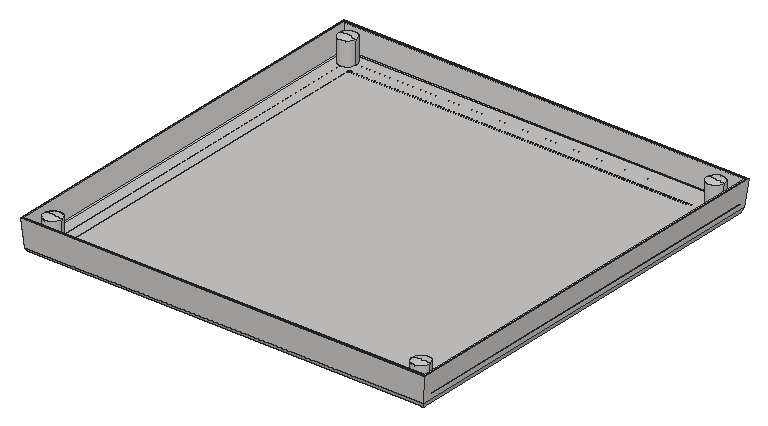
Revit family "Gorter BV 800x800mm", category Generic Models, host Face, Revit 2019
Family settings
  Host = Face
  Can host rebar = No
  Round Connector Dimension = Use Diameter
  Part Type = Normal
  Cut with Voids When Loaded = Yes
  Shared = Yes
  Room Calculation Point = No
Parameters (values of type "BV 800x800mm")
  vullen_met_beton = "ja"  # constant formula
  vergrendeling = "nee"  # constant formula
  uitwendige_lengte = 935 mm
  uitwendige_breedte = 935 mm
  sluiting = "4"  # constant formula
  scharnierend = "nee"  # constant formula
  rubberen_afdichting = "enkel"  # constant formula
  productgroep = ""
  materiaal = bcb_staal
  inbouwhoogte [instance] = 75 mm
  geïsoleerd = "nee"  # constant formula
  gewicht = "31"
  gasdrukveer = "nee"  # constant formula
  brandwerend 90 min = "nee"  # constant formula
  binnenmaat_lengte = uitwendige_lengte - 135 mm  # 800 mm
  binnenmaat_breedte = uitwendige_breedte - 135 mm  # 800 mm
  binnenluik = "tbv betonvulling"  # constant formula
  belasting = "125 kN"  # constant formula
  URL = ""
  Model = "BV"  # constant formula
  Manufacturer = "Gorter"  # constant formula
  Description = "BV 88"
  Default Elevation = 1219.2 mm
Types (6, lengths in mm): name | uitwendige_lengte | uitwendige_breedte | gewicht | binnenmaat_lengte | binnenmaat_breedte | Description
  (no name) | 935 | 935 | "31" | 800 | 800 | "BV 88"
  BV 600x400mm | 535 | 735 | "17" | 400 | 600 | "BV 64"
  BV 600x600mm | 735 | 735 | "21" | 600 | 600 | "BV 66"
  BV 800x600mm | 735 | 935 | "27" | 600 | 800 | "BV 86"
  BV 800x800mm | 935 | 935 | "31" | 800 | 800 | "BV 88"
  BV 1000x600mm | 735 | 1135 | "31" | 600 | 1000 | "BV 106"
Reference planes
  plane 1 "Center (Front/Back)": y = 0
  plane 2: z = 0
  plane 3 "Center (Left/Right)": x = 0
  plane 4: y = 467.5
  plane 5: y = -467.5
  plane 6: x = 467.5
  plane 7: x = -467.5
  plane 8: z = -75
  plane 9: x = -425.5
  plane 10: y = 425.5
  plane 11: y = -425.5
  plane 12: x = 425.5
  plane 13: x = -305.5
  plane 14: x = 305.5
  plane 15: y = -305.5
  plane 16: y = 305.5
Forms (mm)
  Sweep 1, solid, material "bcb_staal" <- "materiaal", detail levels medium+fine
    path origin (0, 0, 0) x (1, 0, 0) y (0, 1, 0)
      loop
        line (-467.5, 467.5) -> (-467.5, -467.5) -> (467.5, -467.5) -> (467.5, 467.5) -> (-467.5, 467.5)
    profile origin (-467.5, 0, 0) x (-1, 0, 0) y (0, 0, 1)
      loop
        line (0, 0) -> (-2.01, 0) -> (-8.062, -60.739)
        arc (-8.062, -60.739) -> (-19.025, -71.913) -> (-32.302, -63.62) r 12.5
        line (-32.302, -63.62) -> (-34.724, -56.679)
        arc (-34.724, -56.679) -> (-38.41, -54.001) -> (-42.212, -56.51) r 4
        line (-42.212, -56.51) -> (-44.362, -61.868)
        arc (-44.362, -61.868) -> (-48.269, -64.946) -> (-52.899, -63.13) r 5
        line (-52.899, -63.13) -> (-56.64, -57.982)
        arc (-56.64, -57.982) -> (-63.349, -55.792) -> (-67.5, -61.5) r 6
        line (-67.5, -61.5) -> (-67.5, -75) -> (-65.5, -75) -> (-65.5, -61.5)
        arc (-65.5, -61.5) -> (-62.734, -57.695) -> (-58.262, -59.152) r 4
        line (-58.262, -59.152) -> (-54.667, -64.109)
        arc (-54.667, -64.109) -> (-48.142, -66.947) -> (-42.504, -62.607) r 7
        line (-42.504, -62.607) -> (-40.356, -57.255)
        arc (-40.356, -57.255) -> (-38.451, -56.001) -> (-36.61, -57.346) r 2
        line (-36.61, -57.346) -> (-34.19, -64.279)
        arc (-34.19, -64.279) -> (-18.789, -73.899) -> (-6.071, -60.938) r 14.5
        line (-6.071, -60.938) -> (0, 0)
  Sweep 2, solid, material "bcb_staal" <- "materiaal", detail levels medium+fine
    path origin (0, 0, 0) x (1, 0, 0) y (0, 1, 0)
      loop
        line (-467.5, 467.5) -> (-467.5, -467.5) -> (467.5, -467.5) -> (467.5, 467.5) -> (-467.5, 467.5)
    profile origin (-467.5, 0, 0) x (-1, 0, 0) y (0, 0, 1)
      loop
        line (-10.487, -50.628) -> (-2.484, 0) -> (-4.5, 0) -> (-12.438, -50.313)
        arc (-12.438, -50.313) -> (-13.121, -51.538) -> (-14.437, -52.024) r 2.024
        line (-14.437, -52.024) -> (-67.5, -52.024) -> (-67.5, -53.988) -> (-14.751, -53.988)
        arc (-14.751, -53.988) -> (-11.962, -53.142) -> (-10.487, -50.628) r 4
  Sweep 3, solid, material "bcb_staal" <- "materiaal", detail levels coarse
    path origin (0, 0, 0) x (1, 0, 0) y (0, 1, 0)
      loop
        line (-467.5, 467.5) -> (-467.5, -467.5) -> (467.5, -467.5) -> (467.5, 467.5) -> (-467.5, 467.5)
    profile origin (-467.5, 0, 0) x (-1, 0, 0) y (0, 0, 1)
      loop
        line (0, 0) -> (-4.5, 0) -> (-12.74, -52.024) -> (-67.5, -52.024) -> (-67.5, -75) -> (-7.473, -75) -> (0, 0)
  Extrusion 4, solid, material "bcb_staal" <- "materiaal", detail levels medium+fine
    sketch origin (0, 0, 0) x (1, 0, 0) y (0, 1, 0)
      loop
        line (-400, 400) -> (-400, -400) -> (400, -400) -> (400, 400) -> (-400, 400)
    from -53.988 to -52
  Extrusion 5, solid, material "bcb_staal" <- "materiaal", detail levels coarse
    sketch origin (0, 0, 0) x (1, 0, 0) y (0, 1, 0)
      loop
        line (-400, 400) -> (-400, -400) -> (400, -400) -> (400, 400) -> (-400, 400)
    from -75 to -52.024
  Extrusion 6, void
    sketch origin (0, 0, 0) x (1, 0, 0) y (0, 1, 0)
      loop
        line (-305.5, -305.5) -> (305.5, -305.5) -> (305.5, 305.5) -> (-305.5, 305.5) -> (-305.5, -305.5)
    from -500 to 10
  Sweep 7, void
    path origin (0, 0, 0) x (1, 0, 0) y (0, 1, 0)
      loop
        line (-467.5, 467.5) -> (-467.5, -467.5) -> (467.5, -467.5) -> (467.5, 467.5) -> (-467.5, 467.5)
    profile origin (-467.5, 0, 0) x (-1, 0, 0) y (0, 0, 1)
      loop
        line (0.498, 5) -> (-162, 5) -> (-162, -365) -> (-65.5, -365) -> (-65.5, -75) -> (-7.473, -75) -> (0.498, 5)
Cuts and joins
  joined: Sweep 2, Extrusion 4
  joined: Sweep 3, Extrusion 5
Dimensions and locks
  equal spacing: plane 7, plane 3 "Center (Left/Right)", plane 6
  "uitwendige_breedte": plane 7 to plane 6
  equal spacing: plane 4, plane 1 "Center (Front/Back)", plane 5
  "uitwendige_lengte": plane 4 to plane 5
  locked: plane 4 to plane 10 at 42
  locked: plane 7 to plane 9 at 42
  locked: plane 12 to plane 6 at 42
  locked: plane 5 to plane 11 at 42
  locked: plane 9 to plane 13 at 120
  locked: plane 14 to plane 12 at 120
  locked: plane 15 to plane 11 at 120
  locked: plane 10 to plane 16 at 120
  aligned and locked: plane 2 to host face
  aligned and locked: level to host face
  aligned and locked: Sweep 1 sketch curve to plane 4
  aligned and locked: plane 7 to Sweep 1 sketch curve
  aligned and locked: plane 5 to Sweep 1 sketch curve
  aligned and locked: Sweep 1 sketch curve to plane 6
  aligned and locked: Sweep 2 sketch curve to Sweep 1  (x4)
  aligned and locked: Sweep 3 sketch curve to Sweep 1  (x4)
  aligned and locked: Extrusion 4 sketch curve to Sweep 1  (x4)
  aligned and locked: Extrusion 5 sketch curve to Sweep 3  (x2)
  aligned and locked: Extrusion 5 sketch curve to Sweep 1  (x2)
  aligned and locked: plane 3 "Center (Left/Right)" to nested 1
  aligned and locked: nested 1 to plane 2
  aligned and locked: plane 9 to nested 2
  aligned and locked: nested 2 to plane 10
  aligned and locked: nested 3 to plane 12
  aligned and locked: plane 10 to nested 3
  aligned and locked: plane 11 to nested 4
  aligned and locked: nested 4 to plane 9
  aligned and locked: nested 5 to plane 11
  aligned and locked: plane 12 to nested 5
  aligned and locked: nested 6 to plane 1 "Center (Front/Back)"
  aligned and locked: nested 6 to plane 2
  aligned and locked: Extrusion 6 to plane 16
  aligned and locked: Extrusion 6 to plane 14
  aligned and locked: Extrusion 6 to plane 15
  aligned and locked: Extrusion 6 to plane 13
  aligned and locked: Sweep 7 sketch curve to plane 4
  aligned and locked: Sweep 7 sketch curve to plane 6
  aligned and locked: plane 5 to Sweep 7 sketch curve
  aligned and locked: plane 7 to Sweep 7 sketch curve
Automatic sketch dimensions
  host sketch curve to host sketch curve = 2000 mm  (x2)
  Sweep 1 sketch curve to profile plane = 0 mm
  profile plane to Sweep 1 sketch curve = 6.071 mm
  Sweep 1 sketch curve to Sweep 1 sketch curve = 1.99 mm
  Sweep 1 sketch curve to Sweep 1 sketch curve = 12.438 mm
  Sweep 1 sketch curve to Sweep 1 sketch curve = 0 mm  (x6)
  Sweep 1 sketch curve to Sweep 1 sketch curve = 11.802 mm
  Sweep 1 sketch curve to Sweep 1 sketch curve = 1.888 mm
  Sweep 1 sketch curve to Sweep 1 sketch curve = 2.423 mm
  Sweep 1 sketch curve to Sweep 1 sketch curve = 1.886 mm
  Sweep 1 sketch curve to Sweep 1 sketch curve = 1.89 mm
  Sweep 1 sketch curve to Sweep 1 sketch curve = 1.856 mm  (x2)
  Sweep 1 sketch curve to Sweep 1 sketch curve = 2.147 mm
  Sweep 1 sketch curve to Sweep 1 sketch curve = 1.858 mm
  Sweep 1 sketch curve to Sweep 1 sketch curve = 4.638 mm
  Sweep 1 sketch curve to Sweep 1 sketch curve = 3.899 mm
  Sweep 1 sketch curve to Sweep 1 sketch curve = 1.768 mm
  Sweep 1 sketch curve to Sweep 1 sketch curve = 3.741 mm
  Sweep 1 sketch curve to Sweep 1 sketch curve = 1.622 mm
  Sweep 1 sketch curve to Sweep 1 sketch curve = 3.238 mm
  Sweep 1 sketch curve to Sweep 1 sketch curve = 4 mm
  Sweep 1 sketch curve to Sweep 1 sketch curve = 2 mm
  Sweep 1 sketch curve to level = 56.51 mm
  Sweep 1 sketch curve to Sweep 1 sketch curve = 0.169 mm
  Sweep 1 sketch curve to Sweep 1 sketch curve = 0.745 mm
  Sweep 1 sketch curve to Sweep 1 sketch curve = 0.654 mm
  Sweep 1 sketch curve to Sweep 1 sketch curve = 1.471 mm
  Sweep 1 sketch curve to Sweep 1 sketch curve = 1.17 mm
  Sweep 1 sketch curve to Sweep 1 sketch curve = 2.821 mm
  Sweep 1 sketch curve to Sweep 1 sketch curve = 3.49 mm
  Sweep 1 sketch curve to Sweep 1 sketch curve = 1.239 mm
  Sweep 1 sketch curve to Sweep 1 sketch curve = 0.198 mm
  Sweep 1 sketch curve to Sweep 1 sketch curve = 1.867 mm
  Sweep 1 sketch curve to Sweep 1 sketch curve = 0.739 mm
  Sweep 1 sketch curve to Sweep 1 sketch curve = 13.5 mm
  profile plane to Sweep 1 sketch curve = 2.01 mm
  Sweep 1 sketch curve to Sweep 1 sketch curve = 60.938 mm
  Sweep 2 sketch curve to level = 0 mm
  profile plane to Sweep 2 sketch curve = 14.751 mm
  Sweep 2 sketch curve to Sweep 2 sketch curve = 0.313 mm  (x2)
  Sweep 2 sketch curve to Sweep 2 sketch curve = 0 mm  (x2)
  Sweep 2 sketch curve to Sweep 2 sketch curve = 1.95 mm
  Sweep 2 sketch curve to Sweep 2 sketch curve = 0.315 mm
  Sweep 2 sketch curve to Sweep 2 sketch curve = 53.063 mm
  profile plane to Sweep 2 sketch curve = 4.5 mm
  Sweep 2 sketch curve to Sweep 2 sketch curve = 2.016 mm
  Sweep 2 sketch curve to level = 52.024 mm
  Sweep 2 sketch curve to Sweep 2 sketch curve = 1.963 mm
  Sweep 3 sketch curve to level = 0 mm
  Sweep 3 sketch curve to profile plane = 0 mm
  profile plane to Sweep 3 sketch curve = 4.5 mm
  profile plane to Sweep 3 sketch curve = 12.74 mm
  Sweep 3 sketch curve to Sweep 3 sketch curve = 54.76 mm
  Sweep 3 sketch curve to level = 52.024 mm
  profile plane to Sweep 3 sketch curve = 7.473 mm
  Sweep 3 sketch curve to Sweep 3 sketch curve = 22.976 mm
  Extrusion 6 sketch curve to plane 11 = 120 mm
  Extrusion 6 sketch curve to plane 1 "Center (Front/Back)" = 305.5 mm
  Extrusion 6 sketch curve to plane 13 = 0 mm
  Extrusion 6 sketch curve to plane 14 = 0 mm
  level to Sweep 7 sketch curve = 5 mm
  profile plane to Sweep 7 sketch curve = 162 mm
  profile plane to Sweep 7 sketch curve = 65.5 mm
  profile plane to Sweep 7 sketch curve = 7.473 mm
  Sweep 7 sketch curve to profile plane = 0.498 mm
  Sweep 7 sketch curve to level = 75 mm
  Sweep 7 sketch curve to Sweep 7 sketch curve = 290 mm
Nested families
  nested 1: "NLRS_33_GM_FB_TC_GORTER_vloerluik_BV_BCB_Detail_Component" at (0, 0, 0) x (1, 0, 0) z (0, -1, 0), breedte <- "uitwendige_breedte", type "NLRS_33_GM_FB_TC_GORTER_vloerluik_BV_BCB_Detail_Component"
    with breedte 935 mm
  nested 2: "NLRS_33_GM_FB_TC_GORTER_vloerluik_BV_BCB_Inbusbout" at (-425.5, 425.5, -52.024), type "NLRS_33_GM_FB_TC_GORTER_vloerluik_BV_BCB_Inbusbout"
  nested 3: "NLRS_33_GM_FB_TC_GORTER_vloerluik_BV_BCB_Inbusbout" at (425.5, 425.5, -52.024) x (-1, 0, 0) z (0, 0, 1), type "NLRS_33_GM_FB_TC_GORTER_vloerluik_BV_BCB_Inbusbout"
  nested 4: "NLRS_33_GM_FB_TC_GORTER_vloerluik_BV_BCB_Inbusbout" at (-425.5, -425.5, -52.024), type "NLRS_33_GM_FB_TC_GORTER_vloerluik_BV_BCB_Inbusbout"
  nested 5: "NLRS_33_GM_FB_TC_GORTER_vloerluik_BV_BCB_Inbusbout" at (425.5, -425.5, -52.024) x (-1, 0, 0) z (0, 0, 1), type "NLRS_33_GM_FB_TC_GORTER_vloerluik_BV_BCB_Inbusbout"
  nested 6: "NLRS_33_GM_FB_TC_GORTER_vloerluik_BV_BCB_Detail_Component" at (0, 0, 0) x (0, 1, 0) z (1, 0, 0), breedte <- "uitwendige_lengte", type "NLRS_33_GM_FB_TC_GORTER_vloerluik_BV_BCB_Detail_Component"
    with breedte 935 mm
Definition of nested family "NLRS_33_GM_FB_TC_GORTER_vloerluik_BV_BCB_Inbusbout"
  Parameters
    materiaal = none
    Default Elevation = 1219.2 mm
  Reference planes
    plane 1 "Center (Front/Back)": y = 0
    plane 2: z = 0
    plane 3 "Center (Left/Right)": x = 0
  Forms (mm)
    Extrusion 1, solid, not visible
      sketch origin (0, 0, 0) x (1, 0, 0) y (0, 1, 0)
        loop
          line (-250, 250) -> (-250, -250) -> (250, -250) -> (250, 250) -> (-250, 250)
      from 0 to -100
    Extrusion 2, solid, material <- "materiaal", detail levels medium+fine
      sketch origin (0, 0, 0) x (1, 0, 0) y (0, 1, 0)
        loop
          circle (0, 0) r 20
      from 0 to 52
    Revolve 3, solid, detail levels medium+fine
      sketch origin (0, 0, 0) x (1, 0, 0) y (0, 0, 1)
        loop
          line (-20, 52) -> (0, 52) -> (0, 56)
          arc (0, 56) -> (-10.198, 54.99) -> (-20, 52) r 52
        axis (0, 56) -> (0, 52)
      angle from 0 to 360
  Dimensions and locks
    aligned and locked: plane 2 to Extrusion 1
    aligned and locked: level to Extrusion 1
Definition of nested family "NLRS_33_GM_FB_TC_GORTER_vloerluik_BV_BCB_Detail_Component"
  Parameters
    breedte [instance] = 435 mm
  Reference planes
    plane 1 "Center (Front/Back)": y = 0
    plane 2: z = 0
    plane 3 "Center (Left/Right)": x = 0
    plane 4: x = -217.5
    plane 5: x = 217.5
    plane 6: y = 100
    plane 7: y = -75
  Lines and regions (mm)
    Filled region 1, type "BCB Staal", in view "Ref. Level", detail levels medium+fine
      outline origin (0, 0, 0) x (1, 0, 0) y (0, 1, 0)
        loop
          line (-217.5, 0) -> (-211.429, -60.938)
          arc (-211.429, -60.938) -> (-198.711, -73.899) -> (-183.31, -64.279) r 14.5
          line (-183.31, -64.279) -> (-180.89, -57.346)
          arc (-180.89, -57.346) -> (-179.049, -56.001) -> (-177.144, -57.255) r 2
          line (-177.144, -57.255) -> (-174.996, -62.607)
          arc (-174.996, -62.607) -> (-169.358, -66.947) -> (-162.833, -64.109) r 7
          line (-162.833, -64.109) -> (-159.24, -59.154)
          arc (-159.24, -59.154) -> (-154.767, -57.695) -> (-152, -61.5) r 4
          line (-152, -61.5) -> (-152, -75) -> (-150, -75) -> (-150, -61.5)
          arc (-150, -61.5) -> (-154.151, -55.792) -> (-160.86, -57.982) r 6
          line (-160.86, -57.982) -> (-164.601, -63.13)
          arc (-164.601, -63.13) -> (-169.231, -64.946) -> (-173.138, -61.868) r 5
          line (-173.138, -61.868) -> (-175.288, -56.51)
          arc (-175.288, -56.51) -> (-179.09, -54.001) -> (-182.776, -56.679) r 4
          line (-182.776, -56.679) -> (-185.198, -63.62)
          arc (-185.198, -63.62) -> (-198.475, -71.913) -> (-209.438, -60.739) r 12.5
          line (-209.438, -60.739) -> (-215.49, 0) -> (-217.5, 0)
    Filled region 2, type "BCB Rubber", in view "Ref. Level", detail levels medium+fine
      outline origin (0, 0, 0) x (1, 0, 0) y (0, 1, 0)
        loop
          arc (-160.052, -57.075) -> (-160.524, -54.949) -> (-162.485, -54) r 2.5
          line (-162.485, -54) -> (-178.975, -54)
          arc (-178.975, -54) -> (-176.749, -54.694) -> (-175.288, -56.51) r 4
          line (-175.288, -56.51) -> (-173.138, -61.868)
          arc (-173.138, -61.868) -> (-169.231, -64.946) -> (-164.601, -63.13) r 5
          line (-164.601, -63.13) -> (-160.86, -57.982)
          arc (-160.86, -57.982) -> (-160.479, -57.508) -> (-160.052, -57.075) r 6
    Filled region 3, type "BCB Staal", in view "Ref. Level", detail levels medium+fine
      outline origin (0, 0, 0) x (1, 0, 0) y (0, 1, 0)
        loop
          line (-213, 0) -> (-215.016, 0) -> (-207.013, -50.628)
          arc (-207.013, -50.628) -> (-205.538, -53.142) -> (-202.749, -53.988) r 4
          line (-202.749, -53.988) -> (203.063, -53.988)
          arc (203.063, -53.988) -> (205.651, -53.033) -> (207, -50.626) r 3.987
          line (207, -50.626) -> (215, 0) -> (212.969, 0) -> (205.038, -50.32)
          arc (205.038, -50.32) -> (204.359, -51.524) -> (203.063, -52.024) r 2.001
          line (203.063, -52.024) -> (-203.063, -52.024)
          arc (-203.063, -52.024) -> (-204.379, -51.538) -> (-205.063, -50.313) r 2.024
          line (-205.063, -50.313) -> (-213, 0)
    Filled region 4, type "BCB Staal", in view "Ref. Level", detail levels medium+fine
      outline origin (0, 0, 0) x (1, 0, 0) y (0, 1, 0)
        loop
          line (185.198, -63.62) -> (182.776, -56.679)
          arc (182.776, -56.679) -> (179.09, -54.001) -> (175.288, -56.51) r 4
          line (175.288, -56.51) -> (173.138, -61.868)
          arc (173.138, -61.868) -> (169.231, -64.946) -> (164.601, -63.13) r 5
          line (164.601, -63.13) -> (160.86, -57.982)
          arc (160.86, -57.982) -> (154.151, -55.792) -> (150, -61.5) r 6
          line (150, -61.5) -> (150, -75) -> (152, -75) -> (152, -61.5)
          arc (152, -61.5) -> (154.767, -57.695) -> (159.24, -59.154) r 4
          line (159.24, -59.154) -> (162.833, -64.109)
          arc (162.833, -64.109) -> (169.358, -66.947) -> (174.996, -62.607) r 7
          line (174.996, -62.607) -> (177.144, -57.255)
          arc (177.144, -57.255) -> (179.049, -56.001) -> (180.89, -57.346) r 2
          line (180.89, -57.346) -> (183.31, -64.279)
          arc (183.31, -64.279) -> (198.711, -73.899) -> (211.429, -60.938) r 14.5
          line (211.429, -60.938) -> (217.5, 0) -> (215.49, 0) -> (209.438, -60.739)
          arc (209.438, -60.739) -> (198.475, -71.913) -> (185.198, -63.62) r 12.5
    Filled region 5, type "BCB Rubber", in view "Ref. Level", detail levels medium+fine
      outline origin (0, 0, 0) x (1, 0, 0) y (0, 1, 0)
        loop
          arc (162.485, -54) -> (160.524, -54.949) -> (160.052, -57.075) r 2.5
          arc (160.052, -57.075) -> (160.479, -57.508) -> (160.86, -57.982) r 6
          line (160.86, -57.982) -> (164.601, -63.13)
          arc (164.601, -63.13) -> (169.231, -64.946) -> (173.138, -61.868) r 5
          line (173.138, -61.868) -> (175.288, -56.51)
          arc (175.288, -56.51) -> (176.746, -54.695) -> (178.968, -54) r 4
          line (178.968, -54) -> (162.485, -54)
    Masking region 1, in view "Ref. Level", detail levels medium+fine
      outline origin (0, 0, 0) x (1, 0, 0) y (0, 1, 0)
        loop
          line (-152, -75) -> (152, -75) -> (152, -74) -> (197, -74)
          arc (197, -74) -> (206.732, -70.249) -> (211.429, -60.938) r 14.5
          line (211.429, -60.938) -> (217.5, 0) -> (-217.5, 0) -> (-211.429, -60.938)
          arc (-211.429, -60.938) -> (-206.732, -70.249) -> (-197, -74) r 14.5
          line (-197, -74) -> (-152, -74) -> (-152, -75)
  Text (mm)
    text "Meer informatie nodig om tot een goed detail te komen.\n\nPDF van de website bevat meer informatie, dit zouden wij graag tegemoet zien in DWG-formaat." at (4.418, -12.363, 0), in view "Ref. Level"
  Dimensions and locks
    equal spacing: plane 4, plane 3 "Center (Left/Right)", plane 5
    "breedte": plane 4 to plane 5
  Automatic sketch dimensions
    plane 1 "Center (Front/Back)" to Filled region 1 sketch curve = 0 mm
    Filled region 1 sketch curve to plane 4 = 0 mm
    plane 4 to Filled region 1 sketch curve = 6.071 mm
    Filled region 1 sketch curve to Filled region 1 sketch curve = 1.99 mm
    Filled region 1 sketch curve to Filled region 1 sketch curve = 12.438 mm
    Filled region 1 sketch curve to Filled region 1 sketch curve = 0 mm  (x6)
    plane 7 to Filled region 1 sketch curve = 11.38 mm
    Filled region 1 sketch curve to Filled region 1 sketch curve = 11.802 mm
    plane 7 to Filled region 1 sketch curve = 10.721 mm
    Filled region 1 sketch curve to Filled region 1 sketch curve = 1.888 mm
    Filled region 1 sketch curve to Filled region 1 sketch curve = 2.423 mm
    plane 7 to Filled region 1 sketch curve = 17.654 mm
    Filled region 1 sketch curve to Filled region 1 sketch curve = 1.886 mm
    Filled region 1 sketch curve to Filled region 1 sketch curve = 1.89 mm
    plane 7 to Filled region 1 sketch curve = 17.745 mm
    Filled region 1 sketch curve to Filled region 1 sketch curve = 1.856 mm  (x2)
    plane 7 to Filled region 1 sketch curve = 18.49 mm
    plane 7 to Filled region 1 sketch curve = 12.393 mm
    Filled region 1 sketch curve to Filled region 1 sketch curve = 2.147 mm
    plane 7 to Filled region 1 sketch curve = 13.132 mm
    Filled region 1 sketch curve to Filled region 1 sketch curve = 1.858 mm
    Filled region 1 sketch curve to Filled region 1 sketch curve = 4.638 mm
    plane 7 to Filled region 1 sketch curve = 11.87 mm
    Filled region 1 sketch curve to Filled region 1 sketch curve = 3.899 mm
    plane 7 to Filled region 1 sketch curve = 10.891 mm
    Filled region 1 sketch curve to Filled region 1 sketch curve = 1.768 mm
    plane 7 to Filled region 1 sketch curve = 17.018 mm
    Filled region 1 sketch curve to Filled region 1 sketch curve = 3.74 mm
    plane 7 to Filled region 1 sketch curve = 15.846 mm
    Filled region 1 sketch curve to Filled region 1 sketch curve = 1.621 mm
    Filled region 1 sketch curve to Filled region 1 sketch curve = 3.24 mm
    plane 7 to Filled region 1 sketch curve = 13.5 mm  (x2)
    Filled region 1 sketch curve to Filled region 1 sketch curve = 4 mm
    plane 7 to Filled region 1 sketch curve = 0 mm
    Filled region 1 sketch curve to Filled region 1 sketch curve = 2 mm  (x2)
    plane 7 to Filled region 1 sketch curve = 14.062 mm
    Filled region 1 sketch curve to Filled region 1 sketch curve = 0.198 mm
    plane 4 to Filled region 1 sketch curve = 2.01 mm
    plane 7 to Filled region 2 sketch curve = 17 mm
    plane 4 to Filled region 2 sketch curve = 38.5 mm
    Filled region 2 sketch curve to Filled region 2 sketch curve = 0.025 mm
    plane 7 to Filled region 2 sketch curve = 18.49 mm
    Filled region 2 sketch curve to Filled region 2 sketch curve = 3.712 mm
    plane 7 to Filled region 2 sketch curve = 13.132 mm
    Filled region 2 sketch curve to Filled region 2 sketch curve = 2.15 mm
    Filled region 2 sketch curve to Filled region 2 sketch curve = 4.638 mm
    plane 7 to Filled region 2 sketch curve = 11.87 mm
    Filled region 2 sketch curve to Filled region 2 sketch curve = 3.899 mm
    Filled region 2 sketch curve to Filled region 2 sketch curve = 2.116 mm
    plane 7 to Filled region 2 sketch curve = 17.018 mm
    Filled region 2 sketch curve to Filled region 2 sketch curve = 1.624 mm
    Filled region 2 sketch curve to Filled region 2 sketch curve = 4.86 mm
    Filled region 2 sketch curve to Filled region 2 sketch curve = 3.518 mm
    Filled region 2 sketch curve to Filled region 2 sketch curve = 1.482 mm
    Filled region 2 sketch curve to Filled region 2 sketch curve = 0 mm  (x3)
    Filled region 2 sketch curve to Filled region 2 sketch curve = 0.809 mm
    plane 1 "Center (Front/Back)" to Filled region 3 sketch curve = 0 mm  (x2)
    plane 4 to Filled region 3 sketch curve = 10.487 mm
    Filled region 3 sketch curve to Filled region 3 sketch curve = 1.95 mm
    Filled region 3 sketch curve to Filled region 3 sketch curve = 2 mm
    Filled region 3 sketch curve to Filled region 3 sketch curve = 0 mm  (x5)
    Filled region 3 sketch curve to Filled region 3 sketch curve = 0.313 mm  (x2)
    Filled region 3 sketch curve to plane 5 = 14.437 mm
    Filled region 3 sketch curve to Filled region 3 sketch curve = 1.975 mm
    Filled region 3 sketch curve to Filled region 3 sketch curve = 1.962 mm
    Filled region 3 sketch curve to plane 5 = 4.531 mm
    Filled region 3 sketch curve to Filled region 3 sketch curve = 2.031 mm
    plane 7 to Filled region 3 sketch curve = 25 mm  (x2)
    Filled region 3 sketch curve to Filled region 3 sketch curve = 0.001 mm
    Filled region 3 sketch curve to Filled region 3 sketch curve = 0.319 mm
    Filled region 3 sketch curve to Filled region 3 sketch curve = 0.306 mm
    plane 4 to Filled region 3 sketch curve = 4.5 mm
    Filled region 3 sketch curve to Filled region 3 sketch curve = 2.016 mm
    Filled region 4 sketch curve to plane 7 = 0 mm
    plane 1 "Center (Front/Back)" to Filled region 4 sketch curve = 0 mm
    Filled region 4 sketch curve to plane 5 = 0 mm
    Filled region 4 sketch curve to plane 5 = 6.071 mm
    Filled region 4 sketch curve to Filled region 4 sketch curve = 1.99 mm
    Filled region 4 sketch curve to Filled region 4 sketch curve = 12.438 mm
    Filled region 4 sketch curve to Filled region 4 sketch curve = 0 mm  (x5)
    plane 7 to Filled region 4 sketch curve = 11.38 mm
    Filled region 4 sketch curve to Filled region 4 sketch curve = 11.802 mm
    plane 7 to Filled region 4 sketch curve = 10.721 mm
    Filled region 4 sketch curve to Filled region 4 sketch curve = 1.888 mm
    Filled region 4 sketch curve to Filled region 4 sketch curve = 2.423 mm
    Filled region 4 sketch curve to Filled region 4 sketch curve = 1.886 mm
    Filled region 4 sketch curve to Filled region 4 sketch curve = 1.89 mm
    plane 7 to Filled region 4 sketch curve = 17.745 mm
    Filled region 4 sketch curve to Filled region 4 sketch curve = 1.856 mm  (x2)
    plane 7 to Filled region 4 sketch curve = 18.49 mm
    plane 7 to Filled region 4 sketch curve = 12.393 mm
    Filled region 4 sketch curve to Filled region 4 sketch curve = 2.147 mm
    plane 7 to Filled region 4 sketch curve = 13.132 mm
    Filled region 4 sketch curve to Filled region 4 sketch curve = 1.858 mm
    Filled region 4 sketch curve to Filled region 4 sketch curve = 4.638 mm
    plane 7 to Filled region 4 sketch curve = 11.87 mm
    Filled region 4 sketch curve to Filled region 4 sketch curve = 3.899 mm
    plane 7 to Filled region 4 sketch curve = 10.891 mm
    Filled region 4 sketch curve to Filled region 4 sketch curve = 1.768 mm
    plane 7 to Filled region 4 sketch curve = 17.018 mm
    Filled region 4 sketch curve to Filled region 4 sketch curve = 3.74 mm
    plane 7 to Filled region 4 sketch curve = 15.846 mm
    Filled region 4 sketch curve to Filled region 4 sketch curve = 1.621 mm
    Filled region 4 sketch curve to Filled region 4 sketch curve = 3.24 mm
    Filled region 4 sketch curve to Filled region 4 sketch curve = 4 mm
    Filled region 4 sketch curve to Filled region 4 sketch curve = 2 mm
    plane 7 to Filled region 4 sketch curve = 14.062 mm
    Filled region 4 sketch curve to Filled region 4 sketch curve = 0.198 mm
    Filled region 4 sketch curve to Filled region 4 sketch curve = 0.745 mm
    Filled region 4 sketch curve to Filled region 4 sketch curve = 2.01 mm
    plane 7 to Filled region 5 sketch curve = 13.5 mm
    Filled region 5 sketch curve to plane 5 = 61.5 mm
    plane 7 to Filled region 5 sketch curve = 17.018 mm
    Filled region 5 sketch curve to Filled region 5 sketch curve = 4.86 mm
    Filled region 5 sketch curve to Filled region 5 sketch curve = 1.624 mm
    plane 7 to Filled region 5 sketch curve = 11.87 mm
    Filled region 5 sketch curve to Filled region 5 sketch curve = 3.74 mm
    Filled region 5 sketch curve to Filled region 5 sketch curve = 3.899 mm
    plane 7 to Filled region 5 sketch curve = 13.132 mm
    Filled region 5 sketch curve to Filled region 5 sketch curve = 4.638 mm
    Filled region 5 sketch curve to Filled region 5 sketch curve = 2.15 mm
    Filled region 5 sketch curve to Filled region 5 sketch curve = 3.68 mm
    Filled region 5 sketch curve to Filled region 5 sketch curve = 3.712 mm
    Filled region 5 sketch curve to Filled region 5 sketch curve = 1.49 mm
    Filled region 5 sketch curve to Filled region 5 sketch curve = 1.482 mm
    Filled region 5 sketch curve to Filled region 5 sketch curve = 0.809 mm
    plane 1 "Center (Front/Back)" to Masking region 1 sketch curve = 0 mm
    Masking region 1 sketch curve to plane 4 = 0 mm
    Masking region 1 sketch curve to plane 7 = 0 mm
    Masking region 1 sketch curve to plane 5 = 65.5 mm
    plane 7 to Masking region 1 sketch curve = 1 mm
    plane 4 to Masking region 1 sketch curve = 65.5 mm
    Masking region 1 sketch curve to plane 5 = 20.5 mm
    Masking region 1 sketch curve to Masking region 1 sketch curve = 1 mm
    Masking region 1 sketch curve to Masking region 1 sketch curve = 14.5 mm
    Masking region 1 sketch curve to plane 5 = 6.071 mm
    Masking region 1 sketch curve to plane 5 = 0 mm
    plane 4 to Masking region 1 sketch curve = 6.071 mm
    plane 7 to Masking region 1 sketch curve = 14.062 mm
    Masking region 1 sketch curve to Masking region 1 sketch curve = 1.438 mm
